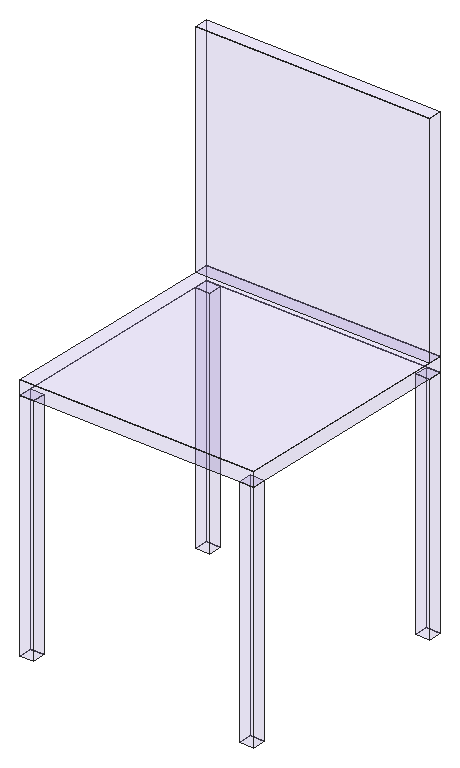
Revit family
Parameters
  spessore schienale = 30 mm
  spessore piano [instance] = 30 mm
  spessore gamba [instance] = 30 mm
  lunghezza/2 [instance] = lunghezza / 2  # 250 mm
  lunghezza [instance] = 500 mm
  larghezza/2 [instance] = larghezza / 2  # 250 mm
  larghezza [instance] = 500 mm
  altezza schienale [instance] = 450 mm
  altezza gambe [instance] = 500 mm
  Default Elevation = 1219.2 mm
Reference planes
  plane 1 "Centro (Fronte/Retro)": y = 0
  plane 2: z = 0
  plane 3 "Centro (Sinistra/Destra)": x = 0
  plane 4: x = -250
  plane 5: x = 250
  plane 6: y = 250
  plane 7: y = -250
  plane 8: y = 220
  plane 9: x = -220
  plane 10: x = 220
  plane 11: y = -220
  plane 12: z = 30
  plane 13: z = -500
  plane 14: z = 480
  plane 15: y = 220
Forms (mm)
  Extrusion 1, solid
    sketch origin (0, 0, 0) x (1, 0, 0) y (0, 1, 0)
      loop
        line (-250, 250) -> (-250, -250) -> (250, -250) -> (250, 250) -> (-250, 250)
    from 0 to 30
  Extrusion 2, solid
    sketch origin (0, 0, 0) x (1, 0, 0) y (0, 1, 0)
      loop
        line (-250, 250) -> (-250, 220) -> (-220, 220) -> (-220, 250) -> (-250, 250)
    from 0 to -500
  Extrusion 3, solid
    sketch origin (0, -470, 0) x (1, 0, 0) y (0, 1, 0)
      loop
        line (-250, 250) -> (-250, 220) -> (-220, 220) -> (-220, 250) -> (-250, 250)
    from 0 to -500
  Extrusion 4, solid
    sketch origin (470, 0, 0) x (1, 0, 0) y (0, 1, 0)
      loop
        line (-250, 250) -> (-250, 220) -> (-220, 220) -> (-220, 250) -> (-250, 250)
    from 0 to -500
  Extrusion 5, solid
    sketch origin (470, -470, 0) x (1, 0, 0) y (0, 1, 0)
      loop
        line (-250, 250) -> (-250, 220) -> (-220, 220) -> (-220, 250) -> (-250, 250)
    from 0 to -500
  Extrusion 6, solid
    sketch origin (0, 0, 0) x (1, 0, 0) y (0, 1, 0)
      loop
        line (-250, 250) -> (-250, 220) -> (250, 220) -> (250, 250) -> (-250, 250)
    from 30 to 500
Dimensions and locks
  "lunghezza": plane 7 to plane 6
  "lunghezza/2": plane 1 "Centro (Fronte/Retro)" to plane 6
  "larghezza": plane 4 to plane 5
  "larghezza/2": plane 4 to plane 3 "Centro (Sinistra/Destra)"
  "spessore gamba": plane 4 to plane 9
  "spessore gamba": plane 8 to plane 6
  "spessore gamba": plane 10 to plane 5
  "spessore gamba": plane 7 to plane 11
  "spessore piano": level to plane 12
  "altezza gambe": plane 13 to level
  "altezza schienale": plane 14 to plane 12
  "spessore schienale": plane 15 to plane 6
  aligned and locked: plane 4 to Extrusion 1 sketch curve
  aligned and locked: plane 6 to Extrusion 1 sketch curve
  aligned and locked: plane 7 to Extrusion 1 sketch curve
  aligned and locked: Extrusion 1 sketch curve to plane 5
  aligned and locked: Extrusion 2 sketch curve to Extrusion 1  (x2)
  aligned and locked: plane 8 to Extrusion 2 sketch curve
  aligned and locked: Extrusion 2 sketch curve to plane 9
  aligned and locked: Extrusion 5 to plane 13
  aligned and locked: Extrusion 4 to plane 13
  aligned and locked: Extrusion 2 to plane 13
  aligned and locked: Extrusion 3 to plane 13
  aligned and locked: plane 13 to Extrusion 2
  aligned and locked: plane 12 to Extrusion 1
  aligned and locked: level to Extrusion 4
  aligned and locked: level to Extrusion 5
  aligned and locked: level to Extrusion 3
  aligned and locked: level to Extrusion 2
  aligned and locked: Extrusion 6 sketch curve to Extrusion 1  (x2)
  aligned and locked: plane 15 to Extrusion 6 sketch curve
  aligned and locked: Extrusion 6 sketch curve to plane 5
Automatic sketch dimensions
  Extrusion 3 sketch curve to plane 4 = 0 mm
  Extrusion 3 sketch curve to plane 7 = 0 mm
  Extrusion 3 sketch curve to plane 9 = 0 mm
  Extrusion 3 sketch curve to plane 11 = 0 mm
  Extrusion 4 sketch curve to plane 8 = 0 mm
  Extrusion 4 sketch curve to plane 10 = 0 mm
  Extrusion 4 sketch curve to plane 5 = 0 mm
  Extrusion 4 sketch curve to plane 6 = 0 mm
  Extrusion 5 sketch curve to plane 7 = 0 mm
  Extrusion 5 sketch curve to plane 10 = 0 mm
  Extrusion 5 sketch curve to plane 5 = 0 mm
  Extrusion 5 sketch curve to plane 11 = 0 mm
